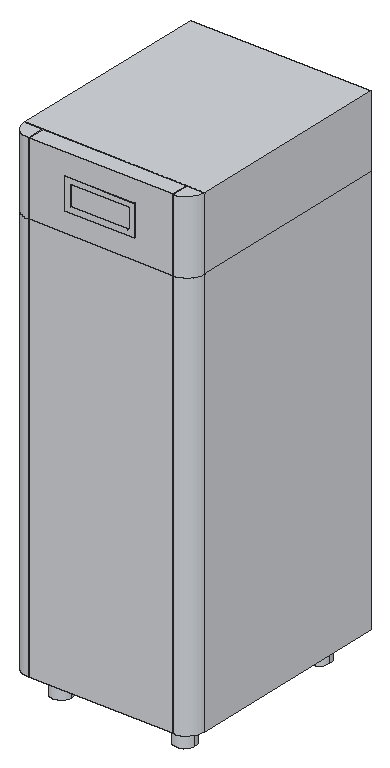
Revit family "Холодильные шкафы POLAIR BAKERY", category Оборудование, Revit 2020
Family settings
  Размер круглого соединителя = Использовать диаметр
  Классификация = Нет
  Тип детали = Нормальный
  На основе рабочей плоскости = Нет
  Всегда вертикально = Да
  При загрузке вырезать с полостями = Нет
  Общий = Нет
  Точка расчета площади = Нет
Parameters (values of type "CS107-Bakery Br (тип 2 с дисплеем 7)")
  Экран 7 дюймов = yes
  Экран 5 дюймов = no
  Ширина = 697 mm
  Цена, руб. = "229 900"
  Холодильный шкаф = none
  Тип оттайки = "автоматическая"
  Темп. окр. среды = "от +12 до +40"
  Система электропитания, В/Гц = "230/50"
  Регул. уровня влажности, % = "от 60 до 95"
  Размеры в упаковке, мм = "790x1080x2125"
  Педаль = "+"
  Отметка по умолчанию = 0 mm
  Объем, л = "700"
  Направляющие под EN 40*60 = "20 пар"
  Корпус = "цельнозаливной"
  Диап. рабочих темп. = "-10....+40"
  Глубина = 1005 mm
  Габаритные размеры, мм = "697*1005*1960"
  Высота = 1960 mm
  Вес нетто/брутто, кг = "165/190"
Types (3, lengths in mm): name | Экран 7 дюймов | Экран 5 дюймов | Цена, руб.
  (no name) | yes | no | "229 900"
  CS107 Bakery Br (тип 1 с дисплеем 5) | no | yes | "204 900"
  CS107-Bakery Br (тип 2 с дисплеем 7) | yes | no | "229 900"
Reference planes
  plane 1 "По центру (Вперед/Назад)": y = 0
  plane 2: z = 0
  plane 3 "По центру (Влево/Вправо)": x = 0
  plane 4: x = -348.5
  plane 5: x = 348.5
  plane 6: y = -1005
  plane 7: y = -935
  plane 8: x = -278.5
  plane 9: x = 278.5
  plane 10: z = 1960
  plane 11: x = -348.5
  plane 12: z = 92
  plane 13: z = 1678
  plane 14: y = -133
  plane 15: x = -278.5
  plane 16: x = -238.5
  plane 17: x = 238.5
  plane 18: y = -895
  plane 19: y = -243
  plane 20: x = -90
  plane 21: x = 90
  plane 22: z = 1859
  plane 23: z = 1779
  plane 24: x = -135
  plane 25: x = 135
  plane 26: z = 1759
  plane 27: z = 1879
  plane 28: z = 1819
  plane 29: x = -98.5
Forms (mm)
  Extrusion 1, solid, material <- "Холодильный шкаф"
    sketch origin (0, 0, 0) x (1, 0, 0) y (0, 1, 0)
      loop
        line (-278.5, -935) -> (-278.5, -1005) -> (278.5, -1005) -> (278.5, -935) -> (-278.5, -935)
    from 92 to 1678
  Extrusion 2, solid, material <- "Холодильный шкаф"
    sketch origin (0, 0, 0) x (1, 0, 0) y (0, 1, 0)
      loop
        line (-348.5, -133) -> (-348.5, -935) -> (348.5, -935) -> (348.5, -133) -> (-348.5, -133)
    from 92 to 1678
  Extrusion 3, solid, material <- "Холодильный шкаф"
    sketch origin (0, 0, 0) x (1, 0, 0) y (0, 1, 0)
      loop
        line (-278.5, -935) -> (-278.5, -1005) -> (278.5, -1005) -> (278.5, -935) -> (-278.5, -935)
    from 1678 to 1960
  Extrusion 4, solid, material <- "Холодильный шкаф"
    sketch origin (0, 0, 0) x (1, 0, 0) y (0, 1, 0)
      loop
        arc (-348.5, -935) -> (-327.997, -984.497) -> (-278.5, -1005) r 70
        line (-278.5, -1005) -> (-278.5, -935) -> (-348.5, -935)
    from 1678 to 1960
  Extrusion 5, solid, material <- "Холодильный шкаф"
    sketch origin (0, 0, 0) x (1, 0, 0) y (0, 1, 0)
      loop
        line (278.5, -935) -> (278.5, -1005)
        arc (278.5, -1005) -> (327.997, -984.497) -> (348.5, -935) r 70
        line (348.5, -935) -> (278.5, -935)
    from 1678 to 1960
  Extrusion 6, solid, material <- "Холодильный шкаф"
    sketch origin (0, 0, 0) x (1, 0, 0) y (0, 1, 0)
      loop
        line (278.5, -935) -> (278.5, -1005)
        arc (278.5, -1005) -> (327.997, -984.497) -> (348.5, -935) r 70
        line (348.5, -935) -> (278.5, -935)
    from 92 to 1678
  Extrusion 7, solid, material <- "Холодильный шкаф"
    sketch origin (0, 0, 0) x (1, 0, 0) y (0, 1, 0)
      loop
        arc (-348.5, -935) -> (-327.997, -984.497) -> (-278.5, -1005) r 70
        line (-278.5, -1005) -> (-278.5, -935) -> (-348.5, -935)
    from 92 to 1678
  Extrusion 8, solid, material <- "Холодильный шкаф"
    sketch origin (0, 0, 0) x (1, 0, 0) y (0, 1, 0)
      loop
        circle (-238.5, -243) r 40
    from 0 to 92
  Extrusion 9, solid, material <- "Холодильный шкаф"
    sketch origin (0, 0, 0) x (1, 0, 0) y (0, 1, 0)
      loop
        circle (-238.5, -895) r 40
    from 0 to 92
  Extrusion 10, solid, material <- "Холодильный шкаф"
    sketch origin (0, 0, 0) x (1, 0, 0) y (0, 1, 0)
      loop
        circle (238.5, -243) r 40
    from 0 to 92
  Extrusion 11, solid, material <- "Холодильный шкаф"
    sketch origin (0, 0, 0) x (1, 0, 0) y (0, 1, 0)
      loop
        circle (238.5, -895) r 40
    from 0 to 92
  Extrusion 12, solid, visible <- "Экран 5 дюймов", detail levels fine
    sketch origin (0, 0, 0) x (1, 0, 0) y (0, 0, 1)
      loop
        line (-90, 1859) -> (-90, 1779) -> (90, 1779) -> (90, 1859) -> (-90, 1859)
    from 1005 to 1006.447
  Extrusion 13, solid, visible <- "Экран 7 дюймов", detail levels fine
    sketch origin (0, 0, 0) x (1, 0, 0) y (0, 0, 1)
      loop
        line (-135, 1879) -> (-135, 1759) -> (135, 1759) -> (135, 1879) -> (-135, 1879)
    from 1005 to 1006.447
  Extrusion 14, solid, material <- "Холодильный шкаф"
    sketch origin (0, 0, 0) x (1, 0, 0) y (0, 1, 0)
      loop
        line (-323.5, 0) -> (-323.5, -133) -> (-98.5, -133) -> (-98.5, 0) -> (-323.5, 0)
    from 1178.132 to 1678
  Extrusion 15, solid, material <- "Холодильный шкаф"
    sketch origin (0, 0, 0) x (1, 0, 0) y (0, 1, 0)
      loop
        line (-348.5, -133) -> (-348.5, -935) -> (348.5, -935) -> (348.5, -133) -> (-348.5, -133)
    from 1678 to 1960
  Extrusion 16, void, detail levels fine
    sketch origin (5, 0, -10) x (1, 0, 0) y (0, 0, 1)
      loop
        line (-120, 1869) -> (-120, 1789) -> (110, 1789) -> (110, 1869) -> (-120, 1869)
    from 1005 to 1006.447
  Extrusion 17, void
    sketch origin (0, 0, 5.622) x (1, 0, 0) y (0, 0, 1)
      loop
        line (-75, 1838.378) -> (-75, 1788.378) -> (75, 1788.378) -> (75, 1838.378) -> (-75, 1838.378)
    from 1005 to 1006.447
Cuts and joins
  Extrusion 16, Extrusion 17 cuts Extrusion 15
  Extrusion 16 cuts Extrusion 13
  Extrusion 17 cuts Extrusion 12
Dimensions and locks
  "Глубина": plane 6 to plane 1 "По центру (Вперед/Назад)"
  "Ширина": plane 4 to plane 5
  equal spacing: plane 4, plane 3 "По центру (Влево/Вправо)", plane 5
  locked: plane 7 to plane 6 at 70
  "Высота": plane 10 to plane 2
  plane 9 to plane 5 = 70 mm  (x2)
  locked: plane 11 to plane 8 at 70
  locked: plane 8 to plane 9 at 557
  plane 14 to plane 6 = 872 mm
  locked: plane 1 "По центру (Вперед/Назад)" to plane 14 at 133
  locked: plane 4 to plane 15 at 70
  locked: plane 16 to plane 4 at 110
  locked: plane 5 to plane 17 at 110
  locked: plane 14 to plane 19 at 110
  locked: plane 18 to plane 7 at 40
  locked: plane 12 to plane 2 at 92
  plane 13 to plane 12 = 1586 mm
  locked: plane 10 to plane 13 at 282
  equal spacing: plane 21, plane 3 "По центру (Влево/Вправо)", plane 20
  locked: plane 22 to plane 23 at 80
  locked: plane 23 to plane 13 at 101
  locked: Extrusion 12 to Extrusion 12 at 1.447
  equal spacing: plane 25, plane 3 "По центру (Влево/Вправо)", plane 24
  equal spacing: plane 10, plane 28, plane 13
  locked: plane 27 to plane 28 at 60
  locked: plane 28 to plane 26 at 60
  locked: plane 6 to Extrusion 13 at 1.447
  locked: plane 4 to plane 29 at 250
  locked: plane 13 to Extrusion 14 at 499.868
  locked: Extrusion 14 to plane 29 at 225
  locked: Extrusion 13 to Extrusion 16 at 1.447
  locked: Extrusion 13 to Extrusion 16 at 20  (x3)
  locked: Extrusion 16 to Extrusion 13 at 20
  locked: Extrusion 12 to Extrusion 17 at 15  (x3)
  locked: Extrusion 17 to Extrusion 12 at 15
  radius of Extrusion 11 sketch curve = 40 mm
  aligned and locked: level to plane 2
  aligned and locked: plane 6 to Extrusion 1 sketch curve
  aligned and locked: Extrusion 1 sketch curve to plane 9
  aligned and locked: Extrusion 1 to plane 8
  aligned and locked: Extrusion 2 sketch curve to plane 14
  aligned and locked: plane 4 to Extrusion 2 sketch curve
  aligned and locked: plane 7 to Extrusion 2 sketch curve
  aligned and locked: Extrusion 2 sketch curve to plane 5
  aligned and locked: Extrusion 2 to plane 12
  aligned and locked: plane 13 to Extrusion 1
  aligned and locked: Extrusion 3 sketch curve to plane 7
  aligned and locked: plane 15 to Extrusion 3 sketch curve
  aligned and locked: Extrusion 3 sketch curve to Extrusion 1  (x2)
  aligned and locked: plane 10 to Extrusion 3
  aligned and locked: Extrusion 3 to plane 13
  aligned and locked: plane 10 to Extrusion 4
  aligned and locked: Extrusion 4 to plane 13
  aligned and locked: plane 9 to Extrusion 5 sketch curve
  aligned and locked: Extrusion 5 sketch curve to plane 7
  aligned and locked: plane 10 to Extrusion 5
  aligned and locked: plane 9 to Extrusion 6 sketch curve
  aligned and locked: Extrusion 6 sketch curve to plane 7
  aligned and locked: plane 13 to Extrusion 6
  aligned and locked: Extrusion 6 to plane 12
  aligned and locked: Extrusion 4 sketch curve to plane 7
  aligned and locked: Extrusion 4 sketch curve to plane 15
  aligned and locked: Extrusion 7 sketch curve to plane 7
  aligned and locked: Extrusion 7 sketch curve to plane 8
  aligned and locked: Extrusion 7 to plane 12
  aligned and locked: plane 13 to Extrusion 7
  aligned and locked: plane 12 to Extrusion 9
  aligned and locked: Extrusion 9 to plane 2
  aligned and locked: plane 12 to Extrusion 8
  aligned and locked: plane 12 to Extrusion 11
  aligned and locked: plane 12 to Extrusion 10
  aligned and locked: Extrusion 11 to plane 2
  aligned and locked: Extrusion 10 to plane 2
  aligned and locked: Extrusion 5 to plane 10
  aligned and locked: Extrusion 5 to plane 13
  aligned and locked: Extrusion 12 sketch curve to plane 22
  aligned and locked: plane 20 to Extrusion 12 sketch curve
  aligned and locked: plane 23 to Extrusion 12 sketch curve
  aligned and locked: Extrusion 12 sketch curve to plane 21
  aligned and locked: plane 6 to Extrusion 12
  aligned and locked: Extrusion 13 sketch curve to plane 27
  aligned and locked: plane 24 to Extrusion 13 sketch curve
  aligned and locked: plane 26 to Extrusion 13 sketch curve
  aligned and locked: Extrusion 13 sketch curve to plane 25
  aligned and locked: plane 6 to Extrusion 13
  aligned and locked: plane 1 "По центру (Вперед/Назад)" to Extrusion 14 sketch curve
  aligned and locked: plane 14 to Extrusion 14 sketch curve
  aligned and locked: Extrusion 14 sketch curve to plane 29
  aligned and locked: Extrusion 1 to Extrusion 14
  aligned and locked: Extrusion 1 to Extrusion 2
  aligned and locked: Extrusion 15 sketch curve to Extrusion 2
  aligned and locked: Extrusion 15 sketch curve to plane 14
  aligned and locked: plane 11 to Extrusion 15 sketch curve
  aligned and locked: plane 7 to Extrusion 15 sketch curve
  aligned and locked: Extrusion 15 to Extrusion 1
  aligned and locked: plane 10 to Extrusion 15
  aligned and locked: Extrusion 16 to Extrusion 12
  aligned and locked: Extrusion 12 to Extrusion 17
  aligned and locked: Extrusion 16 to Extrusion 17
Automatic sketch dimensions
  Extrusion 1 sketch curve to plane 8 = 0 mm
  Extrusion 1 sketch curve to plane 7 = 0 mm
  Extrusion 5 sketch curve to plane 6 = 0 mm
  Extrusion 6 sketch curve to plane 6 = 0 mm
  Extrusion 4 sketch curve to plane 4 = 0 mm
  Extrusion 7 sketch curve to plane 11 = 0 mm
  Extrusion 8 sketch curve to plane 16 = 0 mm
  Extrusion 8 sketch curve to plane 19 = 0 mm
  Extrusion 9 sketch curve to plane 16 = 0 mm
  Extrusion 9 sketch curve to plane 18 = 0 mm
  Extrusion 10 sketch curve to plane 17 = 0 mm
  Extrusion 10 sketch curve to plane 19 = 0 mm
  Extrusion 11 sketch curve to plane 17 = 0 mm
  Extrusion 11 sketch curve to plane 18 = 0 mm
  plane 4 to Extrusion 14 sketch curve = 25 mm
  Extrusion 16 sketch curve to plane 20 = 25 mm
  plane 21 to Extrusion 16 sketch curve = 25 mm
  Extrusion 16 sketch curve to plane 23 = 0 mm
  plane 22 to Extrusion 16 sketch curve = 0 mm
  plane 20 to Extrusion 17 sketch curve = 15 mm
  Extrusion 17 sketch curve to plane 21 = 15 mm
  plane 23 to Extrusion 17 sketch curve = 15 mm
  Extrusion 17 sketch curve to plane 22 = 15 mm
  radius of Extrusion 8 sketch curve = 40 mm
  radius of Extrusion 9 sketch curve = 40 mm
  radius of Extrusion 10 sketch curve = 40 mm
Connectors
  electrical at (0, -133, 885)
    settings: on Extrusion 2, index 1, voltage 230 V, apparent load 0 VA, apparent load phase1 0 VA, apparent load phase2 0 VA, apparent load phase3 0 VA, power factor 1, load classification "Прочее", number of poles 1, system type 31, power factor state 1, is connector primary yes, connector utility no, sub classification motor no, connector description ""
